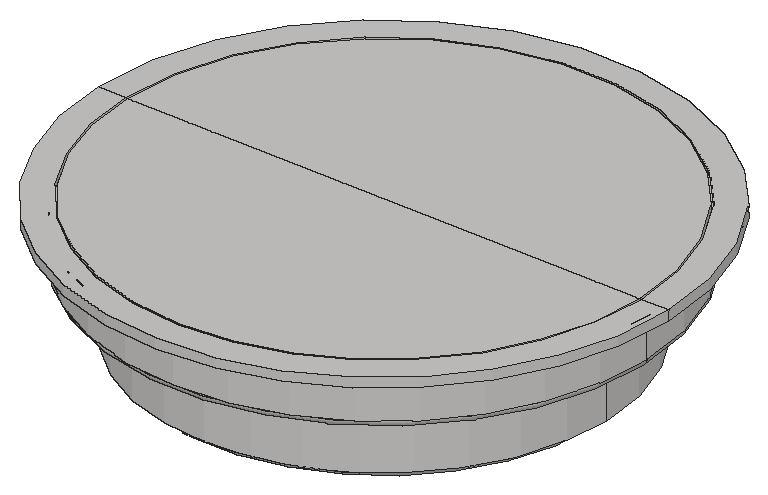
Revit family "Cleanout_Round_Floor-Zurn-Z1745", category Plumbing Fixtures, Revit 2022
Family settings
  Round Connector Dimension = Use Radius
  Part Type = Normal
  OmniClass Number = 23.45.55.21
  OmniClass Title = Drains (Wastes)
  Work Plane-Based = No
  Always vertical = Yes
  Cut with Voids When Loaded = No
  Maintain Annotation Orientation = No
  Shared = No
  Room Calculation Point = No
Parameters (values of type "Load Family Type Catalogue")
  Vent Connection = 1 = 0  # no
  HW Connection = 1 = 0  # no
  Dim "B" = 9.875"
  Dim "C" = 11.000"
  CW Connection = 1 = 0  # no
  Waste Connection = 1 = 1  # yes
  WFU = 1  # constant formula
  URL = "www.zurn.com"
  Type Comments = "Z1745 - 8 Inch Butt-weld Outlet"
  Product data url = "https://www.bimobject.com/en-us/zurnindustries/product/zurn-z1745"
  Product Page URL = "https://www.zurn.com/products/drainage-interceptors/cleanouts/cleanouts/z1745"
  Product Documentation Link = "https://files.zurn.com/spec-sheets/59304.pdf"
  Pipe Size 'A' (Outer Diameter) = 8.625"
  Pipe Size 'A' (Nominal Radius) = [Pipe Size 'A' (Nominal Diameter)] / 2  # 4.000"
  Pipe Size 'A' (Nominal Diameter) = 8.000"
  Pipe Size 'A' (Inner Radius) = [Pipe Size 'A' (Inner Diameter)] / 2  # 3.9905"
  Pipe Size 'A' (Outer Radius) = [Pipe Size 'A' (Outer Diameter)] / 2  # 4.3125"
  Pipe Size 'A' (Inner Diameter) = 7.981"
  Modified Date = "01/09/2026"  # constant formula
  Model = "Z1745"
  Manufacurer Brand = "Zurn"  # constant formula
  Manufacturer = "Zurn Water, LLC"  # constant formula
  Main Material = Steel - Zurn - Stainless - Type - 304
  HWFU = 0  # constant formula
  Description = "FLOOR CLEANOUT WITH O-RING SEAL PLUG"  # constant formula
  Default Elevation = 20.000"
  Date Created = "09/03/2020"  # constant formula
  CWFU = 0  # constant formula
  Butt Weld Angle = 37.50°
  Body HT Dim 'E' = 2.500"
  Assembly Code = "D2030300"
  Approx. Weight (Lbs) = 10.00 lbf
Reference planes (in)
  plane 1 "Center (Front/Back)": y = 0
  plane 2: z = 0
  plane 3 "Center (Left/Right)": x = 0
  plane 4: z = -2.5
  plane 5: x = 4
  plane 6: x = -4
  plane 7: y = -4
  plane 8: y = 4
  plane 9: x = -4.9375
  plane 10: x = -5.5
  plane 11: x = 5.5
  plane 12: x = 4.9375
  plane 13: z = -0.188
Forms (in)
  Revolve 1, solid, material "Steel - Zurn - Stainless - Type - 304" <- "Main Material", detail levels fine
    sketch origin (0, 0, 0) x (1, 0, 0) y (0, 0, 1)
      loop
        line (-5.5, 0) -> (-5.5, -0.188) -> (-5.2, -0.188)
        arc (-5.2, -0.188) -> (-5.11161, -0.22461) -> (-5.075, -0.313) r 0.125
        line (-5.075, -0.313) -> (-5.075, -1)
        arc (-5.075, -1) -> (-5.03839, -1.08839) -> (-4.95, -1.125) r 0.125
        line (-4.95, -1.125) -> (-4.3125, -1.125) -> (-4.3125, -2.32065) -> (-4.07877, -2.5) -> (-3.9905, -2.5) -> (-3.9905, -0.188) -> (0, -0.188) -> (0, 0) -> (-4.9375, 0) -> (-4.9375, -0.07458) -> (-4.9725, -0.07458) -> (-4.9725, 0) -> (-5.5, 0)
      axis (0, 0) -> (0, -2.5)
    angle from 0 to 360
Lines and regions (in)
  Masking region 1, detail levels fine
    outline origin (0, 0, 0) x (1, 0, 0) y (0, 1, 0)
      loop
        circle (0, 0) r 5.5
  model lines, detail levels coarse+medium
    curve 1: line (0, 4, -2.5) -> (0, -4, -2.5)
    curve 2: line (-4, 0, -2.5) -> (4, 0, -2.5)
    curve 3: line (0, 0, 0) -> (0, 0, -2.5)
    curve 4: circle (0, 0, 0) r 4.9375 normal (0, 0, 1)
    curve 5: circle (0, 0, 0) r 5.5 normal (0, 0, 1)
Dimensions and locks (in)
  "Body HT Dim 'E'": level to plane 4
  "Pipe Size 'A' (Nominal Radius)": plane 7 to plane 1 "Center (Front/Back)" to plane 8
  "Pipe Size 'A' (Nominal Radius)": plane 6 to plane 3 "Center (Left/Right)" to plane 5
  equal spacing: plane 12, plane 3 "Center (Left/Right)", plane 9
  "Dim "B"": plane 12 to plane 9
  equal spacing: plane 11, plane 3 "Center (Left/Right)", plane 10
  "Dim "C"": plane 11 to plane 10
  locked: Revolve 1 sketch curve to plane 10 at 0.425
  "Pipe Size 'A' (Outer Radius)": plane 3 "Center (Left/Right)" to Revolve 1 sketch curve
  locked: plane 9 to Revolve 1 sketch curve at 0.035
  locked: plane 2 to Revolve 1 sketch curve at 0.07458
  "Pipe Size 'A' (Inner Radius)": plane 3 "Center (Left/Right)" to Revolve 1 sketch curve
  locked: Revolve 1 sketch curve to Revolve 1 sketch curve at 0.08827
  locked: level to Revolve 1 sketch curve at 1.125
  radius of Revolve 1 sketch curve = 0.125"  (x2)
  "Dim "B"": diameter of curve 4
  "Dim "C"": diameter of curve 5
  "Dim "C"": diameter of Masking region 1 sketch curve
  "Butt Weld Angle": angle Revolve 1 sketch curve to plane 4
  aligned and locked: plane 2 to level
  aligned and locked: level to Revolve 1 sketch curve
  aligned and locked: Revolve 1 sketch curve to plane 13  (x2)
  aligned and locked: plane 10 to Revolve 1 sketch curve
  aligned and locked: plane 9 to Revolve 1 sketch curve  (x2)
  aligned and locked: Revolve 1 sketch curve to plane 3 "Center (Left/Right)"
  aligned and locked: plane 6 to curve 2
  aligned and locked: plane 5 to curve 2
  aligned and locked: plane 1 "Center (Front/Back)" to curve 2
  aligned and locked: plane 8 to curve 1
  aligned and locked: plane 7 to curve 1
  aligned and locked: curve 1 to plane 3 "Center (Left/Right)"
  aligned and locked: level to curve 3
  aligned and locked: plane 4 to curve 3
  aligned and locked: curve 3 to plane 3 "Center (Left/Right)"
  aligned and locked: plane 1 "Center (Front/Back)" to curve 4
  aligned and locked: plane 3 "Center (Left/Right)" to curve 4
  aligned and locked: plane 1 "Center (Front/Back)" to curve 5
  aligned and locked: plane 3 "Center (Left/Right)" to curve 5
  aligned and locked: plane 1 "Center (Front/Back)" to Masking region 1 sketch curve
  aligned and locked: plane 3 "Center (Left/Right)" to Masking region 1 sketch curve
  aligned and locked: Revolve 1 sketch curve to level
  aligned and locked: Revolve 1 sketch curve to Revolve 1 sketch curve
Automatic sketch dimensions
  Revolve 1 sketch curve to plane 4 = 0.000"
  Revolve 1 sketch curve to plane 13 = 0.000"
  level to Revolve 1 sketch curve = 17.24754"
Connectors (in)
  piping at (0, 0, -2.5), diameter 8, driven by "Pipe Size 'A' (Nominal Radius)", driven by "Waste Connection", driven by "Waste Connection"
    settings: on Revolve 1, index 1, connector inside diameter 24", connector length 0.000", flow factor 0, pipe flow 0 GPM, pressure drop 0.00 psi, fitting loss kfactor 0, connector angle 0.00°, fixture units 0, engagement length 0.000", angle of deflection 0.00°, flow configuration 0, flow direction 2, fitting loss method 0, system type 16, joint type 0, gender type 0, connector reference index -1, connector utility 1, adjustable connector yes, is connector primary yes, connector description "Sanitary Outlet"
Types in the file's own list only (18): name | Dim "B" | Dim "C" | Type Comments | Pipe Size 'A' (Outer Diameter) | Pipe Size 'A' (Nominal Radius) | Pipe Size 'A' (Nominal Diameter) | Pipe Size 'A' (Inner Radius) | Pipe Size 'A' (Outer Radius) | Pipe Size 'A' (Inner Diameter) | Model | Main Material | Default Elevation | Butt Weld Angle | Body HT Dim 'E' | Approx. Weight (Lbs)
  Z1745-2BW | 2.750 " | 4.000 " | "Z1745 - 2 Inch Butt-weld Outlet" | 2.375 " | 1.000 " | 2.000 " | 1.034 " | 1.188 " | 2.067 " | "Z1745" | Steel - Zurn - Stainless - Type - 304 | 20.000 " | 37.50° | 1.625 " | 6.00 lb
  Z1745-3BW | 3.500 " | 4.875 " | "Z1745 - 3 Inch Butt-weld Outlet" | 3.500 " | 1.500 " | 3.000 " | 1.534 " | 1.750 " | 3.068 " | "Z1745" | Steel - Zurn - Stainless - Type - 304 | 20.000 " | 37.50° | 1.625 " | 6.00 lb
  Z1745-4BW | 4.500 " | 6.000 " | "Z1745 - 4 Inch Butt-weld Outlet" | 4.500 " | 2.000 " | 4.000 " | 2.013 " | 2.250 " | 4.026 " | "Z1745" | Steel - Zurn - Stainless - Type - 304 | 20.000 " | 37.50° | 1.625 " | 6.00 lb
  Z1745-6BW | 7.875 " | 9.375 " | "Z1745 - 6 Inch Butt-weld Outlet" | 6.625 " | 3.000 " | 6.000 " | 3.033 " | 3.313 " | 6.065 " | "Z1745" | Steel - Zurn - Stainless - Type - 304 | 20.000 " | 37.50° | 1.625 " | 10.00 lb
  Z1745-8BW | 9.875 " | 11.000 " | "Z1745 - 8 Inch Butt-weld Outlet" | 8.625 " | 4.000 " | 8.000 " | 3.991 " | 4.313 " | 7.981 " | "Z1745" | Steel - Zurn - Stainless - Type - 304 | 20.000 " | 37.50° | 2.500 " | 10.00 lb
  Z1745-2IC | 2.750 " | 4.000 " | "Z1745 - 2 Inch Inside Caulk Outlet" | 2.375 " | 1.000 " | 2.000 " | 1.034 " | 1.188 " | 2.067 " | "Z1745" | Steel - Zurn - Stainless - Type - 304 | 20.000 " | 0.00° | 3.375 " | 6.00 lb
  Z1745-3IC | 3.500 " | 4.875 " | "Z1745 - 3 Inch Inside Caulk Outlet" | 3.500 " | 1.500 " | 3.000 " | 1.534 " | 1.750 " | 3.068 " | "Z1745" | Steel - Zurn - Stainless - Type - 304 | 20.000 " | 0.00° | 3.375 " | 6.00 lb
  Z1745-4IC | 4.500 " | 6.000 " | "Z1745 - 4 Inch Inside Caulk Outlet" | 4.500 " | 2.000 " | 4.000 " | 2.013 " | 2.250 " | 4.026 " | "Z1745" | Steel - Zurn - Stainless - Type - 304 | 20.000 " | 0.00° | 3.375 " | 6.00 lb
  Z1745-6IC | 7.875 " | 9.375 " | "Z1745 - 6 Inch Inside Caulk Outlet" | 6.625 " | 3.000 " | 6.000 " | 3.033 " | 3.313 " | 6.065 " | "Z1745" | Steel - Zurn - Stainless - Type - 304 | 20.000 " | 0.00° | 3.375 " | 10.00 lb
  ZM1745-2BW | 2.750 " | 4.000 " | "ZM1745 - 2 Inch Butt-weld Outlet" | 2.375 " | 1.000 " | 2.000 " | 1.034 " | 1.188 " | 2.067 " | "ZM1745" | Steel - Zurn - Stainless - Type - 316 | 20.000 " | 37.50° | 1.625 " | 6.00 lb
  ZM1745-3BW | 3.500 " | 4.875 " | "ZM1745 - 3 Inch Butt-weld Outlet" | 3.500 " | 1.500 " | 3.000 " | 1.534 " | 1.750 " | 3.068 " | "ZM1745" | Steel - Zurn - Stainless - Type - 316 | 20.000 " | 37.50° | 1.625 " | 6.00 lb
  ZM1745-4BW | 4.500 " | 6.000 " | "ZM1745 - 4 Inch Butt-weld Outlet" | 4.500 " | 2.000 " | 4.000 " | 2.013 " | 2.250 " | 4.026 " | "ZM1745" | Steel - Zurn - Stainless - Type - 316 | 20.000 " | 37.50° | 1.625 " | 6.00 lb
  ZM1745-6BW | 7.875 " | 9.375 " | "ZM1745 - 6 Inch Butt-weld Outlet" | 6.625 " | 3.000 " | 6.000 " | 3.033 " | 3.313 " | 6.065 " | "ZM1745" | Steel - Zurn - Stainless - Type - 316 | 20.000 " | 37.50° | 1.625 " | 10.00 lb
  ZM1745-8BW | 9.875 " | 11.000 " | "ZM1745 - 8 Inch Butt-weld Outlet" | 8.625 " | 4.000 " | 8.000 " | 3.991 " | 4.313 " | 7.981 " | "ZM1745" | Steel - Zurn - Stainless - Type - 316 | 20.000 " | 37.50° | 2.500 " | 10.00 lb
  ZM1745-2IC | 2.750 " | 4.000 " | "ZM1745 - 2 Inch Inside Caulk Outlet" | 2.375 " | 1.000 " | 2.000 " | 1.034 " | 1.188 " | 2.067 " | "ZM1745" | Steel - Zurn - Stainless - Type - 316 | 20.000 " | 0.00° | 3.375 " | 6.00 lb
  ZM1745-3IC | 3.500 " | 4.875 " | "ZM1745 - 3 Inch Inside Caulk Outlet" | 3.500 " | 1.500 " | 3.000 " | 1.534 " | 1.750 " | 3.068 " | "ZM1745" | Steel - Zurn - Stainless - Type - 316 | 20.000 " | 0.00° | 3.375 " | 6.00 lb
  ZM1745-4IC | 4.500 " | 6.000 " | "ZM1745 - 4 Inch Inside Caulk Outlet" | 4.500 " | 2.000 " | 4.000 " | 2.013 " | 2.250 " | 4.026 " | "ZM1745" | Steel - Zurn - Stainless - Type - 316 | 20.000 " | 0.00° | 3.375 " | 6.00 lb
  ZM1745-6IC | 7.875 " | 9.375 " | "ZM1745 - 6 Inch Inside Caulk Outlet" | 6.625 " | 3.000 " | 6.000 " | 3.033 " | 3.313 " | 6.065 " | "ZM1745" | Steel - Zurn - Stainless - Type - 316 | 20.000 " | 0.00° | 3.375 " | 10.00 lb
